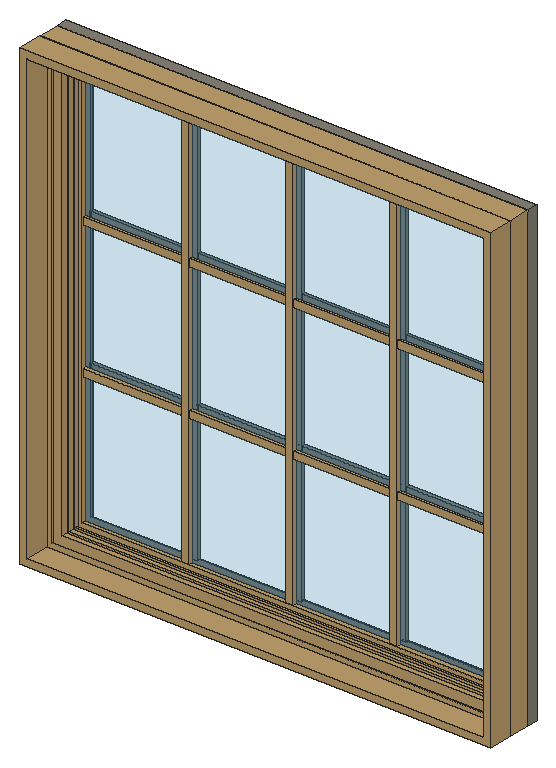
Revit family
Parameters (values of type "CCNTPRYPCAP4848")
  Window Type = "Clad Contemporary Push Out Casement Picture Unit"
  URL = "www.marvin.com"
  Prairie Corner Width = 0' - 4"
  Prairie Corner Height = 0' - 4"
  Offset = if(Bottom Rail Standard, 0' 2 29/32", 0' 4 13/32")  # 0' - 2 29/32"
  Nominal Width = 4' - 0"
  Nominal Height = 4' - 0"
  Muntins Interior Material = Wood-Marvin-Pine
  Muntins Exterior Material = Aluminum-Marvin-Bronze
  Model = "CCNTPRYPCAP4848"
  Manufacturer = "Marvin Windows and Doors"
  Lites Wide = 4
  Lites Wide Constraint = if(Nominal Width > 1' 4", Lites Wide, if(Lites Wide < 2, 1, 2))  # 4
  Lites High = 3
  Lites High Constraint = if(Nominal Height > 1' 4", Lites High, if(Lites High < 2, 1, 2))  # 3
  Lite Cut Prairie 9 = no
  Lite Cut Prairie 9 Constraint = if(and(Nominal Width > 1' 4", Nominal Height > 1' 4"), Lite Cut Prairie 9, 1 = 0)  # no
  Lite Cut HV Grid = not(Lite Cut Prairie 9 Constraint)  # yes
  Label Visibility = no
  Interior Material = Wood-Marvin-Pine
  Glazing Material = Glass-Marvin-IG Low E II with Argon
  Glass Type = "IG Low E II with Argon"
  Frame = "Aluminum Clad"
  Family created by = "www.rbuiltcomponents.com"
  Rough Width = Width + 0' 1"  # 4' - 1"
  Rough Height = Height + 0' 0 1/2"  # 3' - 11 5/8"
  Muntins Interior Visibility = yes
  Muntins Exterior Visibility = yes
  Jamb Extension Visibility = yes
  Inset to Installation Flange [instance] = 0' - 1 1/4"
  Height = Nominal Height - 0' 0 7/8"  # 3' - 11 1/8"
  Design Pressure = "DP50"
  Description = "4848 FIXED"
  Default Head Height = 8' - 0"
  Wall Closure = (empty or 0)
  Width = Nominal Width  # 4' - 0"
  Daylight Area = DLO Width * DLO Height  # 12.1033 SF
  DLO Width = Width - 0' 5 13/16"  # 3' - 6 3/16"
  DLO Height = if(Bottom Rail Standard, Height - 0' 5 13/16", Height - 0' 7 5/16")  # 3' - 5 5/16"
  Cladding Material = Aluminum-Marvin-Bronze
  Bottom Rail Tall = no
  Bottom Rail Standard = not(Bottom Rail Tall)  # yes
  Assembly Code = ""
  Note To User = "All Lite Constraints Apply To Nominal Widths Or Heights < 1 - 6"  # constant formula
Reference planes (in)
  plane 1 "Center (Front/Back)": y = 0
  plane 2: z = 0
  plane 3 "Center (Left/Right)": x = -3
  plane 4 "Left": x = -27
  plane 5 "Right": x = 21
  plane 6 "Sill": z = 48.875
  plane 7 "Top": z = 96
  plane 8 "Inset": y = 1.75
  plane 9 "Glazing": y = 2.40625
  plane 10 "Jamb Ext Face": y = -0.4375
  plane 11: z = 72.4375
  plane 12: y = -0.5
Forms (in)
  Extrusion 1, solid, material "Wood-Marvin-Pine" <- "Interior Material", visible <- "Jamb Extension Visibility", detail levels medium+fine
    sketch origin (0, -0.4375, 0) x (1, 0, 0) y (0, 0, 1)
      loop
        line (-27, 96) -> (-27, 48.875) -> (21, 48.875) -> (21, 96) -> (-27, 96)
      loop
        line (-26.3125, 49.5625) -> (20.3125, 49.5625) -> (20.3125, 95.3125) -> (-26.3125, 95.3125) -> (-26.3125, 49.5625)
    from 0.0625 to 2.5625
Lines and regions (in)
  Masking region 1
    outline origin (-3, 0, 0) x (0, 1, 0) y (0, 0, 1)
      loop
        line (2.8125, 96) -> (-0.4375, 96) -> (-0.4375, 48.875) -> (2.8125, 48.875) -> (2.8125, 96)
  Masking region 2, visible <- "Jamb Extension Visibility"
    outline origin (0, 0, 48.875) x (0, -1, 0) y (1, 0, 0)
      loop
        line (0.5, -27) -> (3, -27) -> (3, 21) -> (0.5, 21) -> (0.5, -27)
  Masking region 3, visible <- "Jamb Extension Visibility"
    outline origin (-3, 0, 0) x (0, 1, 0) y (0, 0, 1)
      loop
        line (-0.5, 96) -> (-3, 96) -> (-3, 48.875) -> (-0.5, 48.875) -> (-0.5, 96)
  Opening 1
    outline origin (-60, -3, 0) x (1, 0, 0) y (0, 0, 1)
      loop
        line (81, 96) -> (33, 96) -> (33, 48.875) -> (81, 48.875) -> (81, 96)
  symbolic lines, style "Jamb Extension", visible <- "Jamb Extension Visibility", detail levels fine
    curve 1: line (-27, -3, 48.875) -> (-26.3125, -3, 48.875)
    curve 2: line (-26.3125, -3, 48.875) -> (-26.3125, -0.5, 48.875)
    curve 3: line (21, -3, 48.875) -> (20.3125, -3, 48.875)
    curve 4: line (20.3125, -3, 48.875) -> (20.3125, -0.5, 48.875)
    curve 5: line (-3, -3, 95.3125) -> (-3, -0.5, 95.3125)
    curve 6: line (-3, -3, 49.5625) -> (-3, -0.5, 49.5625)
  symbolic lines, style "WindowsFrameMullionProjection", detail levels coarse+medium
    curve 7: line (-3, 2.8125, 96) -> (-3, 2.8125, 94.812)
    curve 8: line (-3, 2.8125, 94.812) -> (-3, -0.4375, 94.812)
    curve 9: line (-3, -0.4375, 94.812) -> (-3, -0.4375, 96)
    curve 10: line (-3, 2.78125, 94.812) -> (-3, 2.78125, 93.125)
    curve 11: line (-3, 2.78125, 93.125) -> (-3, 1.15625, 93.125)
    curve 12: line (-3, 1.15625, 50.063) -> (-3, 1.15625, 51.78125)
    curve 13: line (-3, 2.8125, 48.875) -> (-3, 2.8125, 50.063)
    curve 14: line (-3, 2.8125, 50.063) -> (-3, -0.4375, 50.063)
    curve 15: line (-3, -0.4375, 50.063) -> (-3, -0.4375, 48.875)
    curve 16: line (-3, 2.78125, 51.78125) -> (-3, 1.15625, 51.78125)
    curve 18: line (-3, 1.15625, 51.78125) -> (-3, 1.15625, 93.125)
    curve 19: line (-3, 2.78125, 51.78125) -> (-3, 2.78125, 50.063)
    curve 20: line (-3, 1.15625, 93.125) -> (-3, 1.15625, 94.812)
    curve 21: line (-3, 2.78125, 93.125) -> (-3, 2.78125, 51.78125)
  symbolic lines, style "WindowsGlassProjection", detail levels coarse+medium
    curve 17: line (-3, 1.97776, 93.125) -> (-3, 1.97776, 51.78125)
  symbolic lines, style "WindowsFrameMullionProjection"
    curve 22: line (-3, -0.4375, 50.063) -> (-3, -0.4375, 94.812)
  symbolic lines, style "WindowsFrameMullionProjection", visible <- "Jamb Extension Visibility", detail levels coarse+medium
    curve 23: line (-26.3125, -0.5, 48.875) -> (-26.3125, -3, 48.875)
    curve 24: line (-26.3125, -3, 48.875) -> (-27, -3, 48.875)
    curve 25: line (20.3125, -0.5, 48.875) -> (20.3125, -3, 48.875)
    curve 26: line (20.3125, -3, 48.875) -> (21, -3, 48.875)
    curve 29: line (-3, -0.5, 95.3125) -> (-3, -3, 95.3125)
    curve 30: line (-3, -3, 95.3125) -> (-3, -3, 96)
    curve 31: line (-3, -0.5, 49.5625) -> (-3, -3, 49.5625)
    curve 32: line (-3, -3, 49.5625) -> (-3, -3, 48.875)
  symbolic lines, style "Jamb Extension", visible <- "Jamb Extension Visibility"
    curve 27: line (-3, -3, 49.5625) -> (-3, -3, 48.875)
    curve 28: line (-3, -3, 95.3125) -> (-3, -3, 96)
Text (in)
  text "EXTERIOR" at (-58.6888, 50.90694, 0), in view "Ref. Level"
  text "INTERIOR" at (-58.6888, -37.76638, 0), in view "Ref. Level"
  text "Exterior" at (0, 43.65631, 123.19604), in view "Left"
  text "Exterior" at (0, 18.29385, 125.04747), in view "Right"
Dimensions and locks (in)
  equal spacing: plane 4 "Left", plane 3 "Center (Left/Right)", plane 5 "Right"
  "Width": plane 4 "Left" to plane 5 "Right"
  "Height": plane 6 "Sill" to plane 7 "Top"
  "Inset to Installation Flange": host wall to plane 8 "Inset"
  locked: plane 8 "Inset" to plane 9 "Glazing" at 0.65625
  locked: plane 10 "Jamb Ext Face" to plane 8 "Inset" at 2.1875
  equal spacing: plane 6 "Sill", plane 11, plane 7 "Top"
  "Default Head Height": plane 2 to plane 7 "Top"
  locked: nested 2 to host wall at 12.00106
  locked: plane 12 to plane 10 "Jamb Ext Face" at 0.0625
  locked: plane 6 "Sill" to Extrusion 1 sketch curve at 0.6875
  locked: plane 5 "Right" to Extrusion 1 sketch curve at 0.6875
  locked: plane 7 "Top" to Extrusion 1 sketch curve at 0.6875
  locked: plane 4 "Left" to Extrusion 1 sketch curve at 0.6875
  aligned and locked: nested 1 to plane 3 "Center (Left/Right)"
  aligned and locked: plane 8 "Inset" to nested 1
  aligned and locked: host wall to curve 1
  aligned and locked: curve 3 to host wall
  aligned and locked: plane 7 "Top" to Masking region 1 sketch curve
  aligned and locked: Masking region 1 sketch curve to plane 6 "Sill"
  aligned and locked: plane 3 "Center (Left/Right)" to nested 2
  aligned and locked: plane 4 "Left" to curve 24
  aligned and locked: curve 24 to host wall
  aligned and locked: plane 5 "Right" to curve 26
  aligned and locked: host wall to curve 26
  aligned and locked: curve 15 to plane 10 "Jamb Ext Face"
  aligned and locked: curve 14 to curve 22
  aligned and locked: plane 6 "Sill" to curve 27
  aligned and locked: curve 27 to host wall
  aligned and locked: plane 10 "Jamb Ext Face" to curve 9
  aligned and locked: plane 7 "Top" to curve 28
  aligned and locked: plane 7 "Top" to curve 30
  aligned and locked: host wall to curve 30
  aligned and locked: plane 6 "Sill" to curve 32
  aligned and locked: plane 12 to curve 2
  aligned and locked: plane 12 to curve 23
  aligned and locked: plane 12 to curve 4
  aligned and locked: plane 12 to curve 25
  aligned and locked: plane 12 to curve 5
  aligned and locked: plane 12 to curve 29
  aligned and locked: plane 12 to curve 6
  aligned and locked: plane 12 to curve 31
  aligned and locked: plane 12 to Masking region 2 sketch curve
  aligned and locked: Masking region 2 sketch curve to host wall
  aligned and locked: Masking region 2 sketch curve to plane 4 "Left"
  aligned and locked: plane 5 "Right" to Masking region 2 sketch curve
  aligned and locked: plane 12 to Masking region 3 sketch curve
  aligned and locked: Masking region 3 sketch curve to host wall
  aligned and locked: plane 7 "Top" to Masking region 3 sketch curve
  aligned and locked: Masking region 3 sketch curve to plane 6 "Sill"
  aligned and locked: Masking region 1 sketch curve to plane 10 "Jamb Ext Face"
  aligned and locked: plane 3 "Center (Left/Right)" to nested 3
  aligned and locked: plane 8 "Inset" to nested 3
  aligned: nested 3 to plane 7 "Top"
  aligned and locked: plane 7 "Top" to Opening 1 sketch curve
  aligned and locked: plane 5 "Right" to Opening 1 sketch curve
  aligned and locked: Opening 1 sketch curve to plane 6 "Sill"
  aligned and locked: Opening 1 sketch curve to plane 4 "Left"
  aligned and locked: Extrusion 1 sketch curve to plane 6 "Sill"
  aligned and locked: plane 7 "Top" to Extrusion 1 sketch curve
  aligned and locked: plane 5 "Right" to Extrusion 1 sketch curve
  aligned and locked: Extrusion 1 sketch curve to plane 4 "Left"
  aligned and locked: Extrusion 1 to plane 12
  aligned and locked: host wall to Extrusion 1
  aligned and locked: nested 4 to plane 8 "Inset"
  aligned: plane 7 "Top" to nested 4
  aligned: nested 4 to plane 10 "Jamb Ext Face"
  aligned: plane 10 "Jamb Ext Face" to nested 4
  aligned: nested 4 to nested 4  (x4)
  aligned and locked: nested 3 to plane 7 "Top"
  aligned and locked: plane 7 "Top" to nested 4
  aligned and locked: curve 7 to nested 4
  aligned and locked: curve 10 to nested 4
  aligned and locked: curve 20 to nested 4
  aligned and locked: curve 8 to nested 4
  aligned and locked: curve 11 to nested 4
  aligned and locked: nested 4 to plane 10 "Jamb Ext Face"
  aligned and locked: curve 13 to nested 4
  aligned and locked: curve 19 to nested 4
  aligned and locked: nested 4 to curve 12
  aligned and locked: curve 14 to nested 4
  aligned and locked: curve 16 to nested 4
  aligned and locked: Masking region 1 sketch curve to nested 4
Automatic sketch dimensions
  curve 1 to plane 4 "Left" = 0' - 0"
  curve 3 to plane 5 "Right" = 0' - 0"
  curve 2 to plane 4 "Left" = 0' - 0 11/16"
  plane 5 "Right" to curve 4 = 0' - 0 11/16"
  plane 7 "Top" to curve 7 = 0' - 0"
  plane 6 "Sill" to curve 13 = 0' - 0"
  plane 6 "Sill" to curve 15 = 0' - 0"
  plane 7 "Top" to curve 9 = 0' - 0"
  curve 17 to plane 8 "Inset" = 0' - 0.22776"
  curve 6 to curve 15 = 0' - 0.5005"
  plane 7 "Top" to curve 5 = 0' - 0 11/16"
Nested families (in)
  nested 1: "Plan_Detail" at (-3, 1.75, 48.875) x (-1, 0, 0) z (0, 0, -1), type "Plan_Detail"
  nested 2: "Label Annotation 1-16 w" at (-3, 15.00106, 0), visible <- "Label Visibility", type "Label Annotation 1-16 w"
  nested 3: "Casement–Marvin-Picture_Unit-Clad_Contemporary" at (-3, 1.75, 0), type "CCNTPRYPCAP"
  nested 4: "Section_Detail" at (-3, 1.75, 48.875) x (0, -1, 0) z (1, 0, 0), type "Section_Detail", detail levels fine
    with Offset 0' - 2 29/32"
Definition of nested family "Casement–Marvin-Picture_Unit-Clad_Contemporary"
  Parameters (values of type "CCNTPRYCAP")
    Width = 0' - 0"
    Unit Width = 4' - 0"
    Prairie Corner Width = 0' - 4"
    Prairie Corner Height = 0' - 4"
    Offset = if(Bottom Rail Standard, 0' 1", 0' 0 27/32")  # 0' - 1"
    Muntins Interior Material = Wood-Marvin-Pine
    Muntins Interior = yes
    Muntins Exterior Material = Aluminum-Marvin-Bronze
    Muntins Exterior = yes
    Lites Wide = 4
    Lites High = 3
    Lite Cut Prairie 9 = no
    Lite Cut HV Grid = yes
    Interior Material = Wood-Marvin-Pine
    Height = 3' - 11 1/8"
    Glazing Material = Glass-Marvin-IG Low E II with Argon
    G Thickness2 = -0' - 0 1/8"  # constant formula
    G Thickness = 0' - 0 1/8"  # constant formula
    DLO Width = 3' - 6 3/16"
    DLO Height = 3' - 5 5/16"
    Cladding Material = Aluminum-Marvin-Bronze
    Bottom Rail Standard = yes
    Bottom Rail Tall = no
    Bottom Rail = if(Bottom Rail Standard, 0' 2 29/32", 0' 4 13/32")  # 0' - 2 29/32"
    Assembly Code = ""
  Reference planes (in)
    plane 1 "Center (Front/Back)": y = 0
    plane 2: z = 0
    plane 3 "Center (Left/Right)": x = 0
    plane 4: x = 24
    plane 5: x = -24
    plane 6 "Glazing": y = 0.65625
    plane 7: y = -2.1875
    plane 8: z = 96
    plane 9 "Sill": z = 48.875
    plane 10: z = 72.4375
    plane 11: x = 21.09375
    plane 12: x = -21.09375
    plane 13: z = 93.09375
    plane 14: z = 51.78125
    plane 15 "Glazing2": y = -0.125
  Forms (in)
    Sweep 1, solid, material "Aluminum-Marvin-Bronze" <- "Cladding Material"
      path origin (0, 0, 0) x (1, 0, 0) y (0, 0, 1)
        loop
          line (-24, 48.875) -> (24, 48.875) -> (24, 96) -> (-24, 96) -> (-24, 48.875)
      profile "Profile_Ext_Clad_Frame : Profile_Ext_Clad_Frame" origin (0, 0, 48.875) x (0, 0, 1) y (0, -1, 0)
        loop
          line (0, -1.0625) -> (0.625, -1.0625) -> (0.625, 0) -> (0, 0) -> (0, -1.0625)
    Sweep 2, solid, material "Wood-Marvin-Pine" <- "Interior Material"
      path origin (0, 0, 0) x (1, 0, 0) y (0, 0, 1)
        loop
          line (24, 48.875) -> (24, 96) -> (-24, 96) -> (-24, 48.875) -> (24, 48.875)
      profile "Profile_Int_Frame : Profile_Int_Frame" origin (0, 0, 48.875) x (0, 0, -1) y (0, -1, 0)
        loop
          line (0, 2.1875) -> (-1.188, 2.1875) -> (-1.188, 2.09375) -> (-2.1255, 2.09375) -> (-2.1255, 1.43702) -> (-2.313, 1.43702) -> (-2.313, 0.96849) -> (-2.5, 0.96849) -> (-2.5, 0.59375) -> (-0.625, 0.59375) -> (-0.625, 0) -> (0, 0) -> (0, 2.1875)
    Extrusion 3, solid, material "Glass-Marvin-IG Low E II with Argon" <- "Glazing Material"
      sketch origin (0, 0.65625, 0) x (1, 0, 0) y (0, 0, 1)
        loop
          line (21.75, 93.75) -> (-21.75, 93.75) -> (-21.75, 51.125) -> (21.75, 51.125) -> (21.75, 93.75)
      from 0 to 0.125 <- "G Thickness"
    Sweep 4, solid, material "Aluminum-Marvin-Bronze" <- "Cladding Material"
      path origin (0, 0.65625, 0) x (1, 0, 0) y (0, 0, 1)
        loop
          line (21.09375, 51.78125) -> (21.09375, 93.09375) -> (-21.09375, 93.09375) -> (-21.09375, 51.78125) -> (21.09375, 51.78125)
      profile "Profile_Ext_Clad_Sash : Profile_Ext_Clad_Sash" origin (0, 0.65625, 51.78125) x (0, 0, -1) y (0, -1, 0)
        loop
          line (2.0625, -0.375) -> (2.0625, 0) -> (0, 0) -> (0, -0.07739) -> (0.15625, -0.23364) -> (0.15625, -0.375) -> (2.0625, -0.375)
    Sweep 5, solid, material "Wood-Marvin-Pine" <- "Interior Material"
      path origin (0, 0.65625, 0) x (1, 0, 0) y (0, 0, 1)
        loop
          line (21.09375, 51.78125) -> (21.09375, 93.09375) -> (-21.09375, 93.09375) -> (-21.09375, 51.78125) -> (21.09375, 51.78125)
      profile "Profile_Int_Sash : Profile_Int_Sash" origin (0, 0.65625, 51.78125) x (0, 0, -1) y (0, -1, 0)
        loop
          line (1.78125, 0) -> (1.78125, 1.25) -> (0, 1.25) -> (0, 0.78125) -> (0.65625, 0.78125) -> (0.65625, 0) -> (1.78125, 0)
    Extrusion 6, solid, material "Glass-Marvin-IG Low E II with Argon" <- "Glazing Material"
      sketch origin (0, -0.125, 0) x (1, 0, 0) y (0, 0, 1)
        loop
          line (21.75, 93.75) -> (-21.75, 93.75) -> (-21.75, 51.125) -> (21.75, 51.125) -> (21.75, 93.75)
      from -0.125 <- "G Thickness2" to 0
    Sweep 7, solid, material "Aluminum-Marvin-Bronze" <- "Cladding Material"
      path in 3D
        loop
          line (23.15625, 1.03125, 49.71875) -> (-23.15625, 1.03125, 49.71875)
      profile origin (0, 1.03125, 49.71875) x (0, 1, 0) y (0, 0, -1)
        loop
          line (0, 0) -> (-0.375, 0) -> (-0.375, -0.15625) -> (0, -0.15625) -> (0, 0)
    Sweep 8, solid, material "Wood-Marvin-Pine" <- "Interior Material"
      path in 3D
        loop
          line (22.875, -0.59375, 50) -> (-22.875, -0.59375, 50)
      profile origin (0, -0.59375, 50) x (0, 1, 0) y (0, 0, -1)
        loop
          line (0, 0) -> (1.25, 0) -> (1.25, 0.125) -> (0, 0.125) -> (0, 0)
  Cuts and joins
    joined: Sweep 4, Sweep 7
    joined: Sweep 5, Sweep 8
  Lines and regions (in)
    Masking region 1
      outline origin (0, 0, 48.875) x (1, 0, 0) y (0, 1, 0)
        loop
          line (-24, 1.0625) -> (-24, -2.1875) -> (24, -2.1875) -> (24, 1.0625) -> (-24, 1.0625)
    symbolic lines, style "WindowsFrameMullionProjection", detail levels coarse+medium
      curve 1: line (-22.875, -2.18699, 48.875) -> (-24, -2.18699, 48.875)
      curve 2: line (-22.875, 1.0625, 48.875) -> (-22.875, -2.18699, 48.875)
      curve 3: line (-24, 1.0625, 48.875) -> (-22.875, 1.0625, 48.875)
      curve 4: line (-24, -2.18699, 48.875) -> (-24, 1.0625, 48.875)
      curve 5: line (22.875, -2.18699, 48.875) -> (24, -2.18699, 48.875)
      curve 6: line (22.875, 1.0625, 48.875) -> (22.875, -2.18699, 48.875)
      curve 7: line (24, 1.0625, 48.875) -> (22.875, 1.0625, 48.875)
      curve 8: line (24, -2.18699, 48.875) -> (24, 1.0625, 48.875)
      curve 9: line (-22.875, 1.03125, 48.875) -> (-21.09375, 1.03125, 48.875)
      curve 10: line (-21.09375, -0.59375, 48.875) -> (-22.875, -0.59375, 48.875)
      curve 11: line (-21.09375, 1.03125, 48.875) -> (-21.09375, -0.59375, 48.875)
      curve 12: line (22.875, 1.03125, 48.875) -> (21.09375, 1.03125, 48.875)
      curve 13: line (21.09375, -0.59375, 48.875) -> (22.875, -0.59375, 48.875)
      curve 14: line (21.09375, 1.03125, 48.875) -> (21.09375, -0.59375, 48.875)
      curve 16: line (-21.09375, 1.03125, 48.875) -> (21.09375, 1.03125, 48.875)
      curve 17: line (-21.09375, -0.59375, 48.875) -> (21.09375, -0.59375, 48.875)
    symbolic lines, style "WindowsGlassProjection", detail levels coarse+medium
      curve 15: line (-21.09375, 0.22976, 48.875) -> (21.09375, 0.22976, 48.875)
    sketch lines
      curve 18: line (23.15625, 1.03125, 49.71875) -> (-23.15625, 1.03125, 49.71875)
      curve 19: line (22.875, -0.59375, 50) -> (-22.875, -0.59375, 50)
  Dimensions and locks (in)
    equal spacing: plane 5, plane 3 "Center (Left/Right)", plane 4
    "Unit Width": plane 5 to plane 4
    locked: plane 1 "Center (Front/Back)" to plane 6 "Glazing" at 0.65625
    locked: plane 7 to plane 1 "Center (Front/Back)" at 2.1875
    plane 2 to plane 8 = 8' - 0"
    "Height": plane 9 "Sill" to plane 8
    equal spacing: plane 9 "Sill", plane 10, plane 8
    locked: plane 13 to Extrusion 3 sketch curve at 0.65625
    locked: Extrusion 3 sketch curve to plane 14 at 0.65625
    locked: plane 12 to Extrusion 3 sketch curve at 0.65625
    locked: Extrusion 3 sketch curve to plane 11 at 0.65625
    locked: plane 13 to plane 8 at 2.90625
    "Bottom Rail": plane 9 "Sill" to plane 14
    locked: plane 5 to plane 12 at 2.90625
    locked: plane 11 to plane 4 at 2.90625
    locked: plane 15 "Glazing2" to plane 6 "Glazing" at 0.78125
    locked: Extrusion 6 sketch curve to plane 11 at 0.65625
    locked: plane 12 to Extrusion 6 sketch curve at 0.65625
    locked: plane 13 to Extrusion 6 sketch curve at 0.65625
    locked: Extrusion 6 sketch curve to plane 14 at 0.65625
    "Offset": Sweep 7 sketch curve to plane 9 "Sill"
    "Offset": plane 9 "Sill" to Sweep 8 sketch curve
    aligned and locked: Sweep 1 sketch curve to plane 4
    aligned and locked: plane 9 "Sill" to Sweep 1 sketch curve
    aligned and locked: plane 5 to Sweep 1 sketch curve
    aligned and locked: Sweep 1 sketch curve to plane 8
    aligned and locked: plane 9 "Sill" to Sweep 2 sketch curve
    aligned and locked: Sweep 2 sketch curve to plane 8
    aligned and locked: Sweep 2 sketch curve to plane 4
    aligned and locked: plane 5 to Sweep 2 sketch curve
    aligned and locked: Extrusion 3 to plane 6 "Glazing"
    aligned: Extrusion 3 to Sweep 2
    aligned and locked: plane 5 to Masking region 1 sketch curve
    aligned and locked: Masking region 1 sketch curve to plane 4
    aligned and locked: Masking region 1 sketch curve to plane 7
    aligned and locked: plane 6 "Glazing" to nested 2
    aligned: nested 1 to Sweep 2
    aligned and locked: nested 2 to plane 3 "Center (Left/Right)"
    aligned and locked: plane 3 "Center (Left/Right)" to nested 1
    aligned and locked: plane 11 to Sweep 4 sketch curve
    aligned and locked: Sweep 4 sketch curve to plane 12
    aligned and locked: Sweep 4 sketch curve to plane 14
    aligned and locked: plane 13 to Sweep 4 sketch curve
    aligned and locked: Sweep 5 sketch curve to plane 14
    aligned and locked: Sweep 5 sketch curve to plane 12
    aligned and locked: plane 13 to Sweep 5 sketch curve
    aligned and locked: plane 11 to Sweep 5 sketch curve
    aligned and locked: plane 15 "Glazing2" to nested 1
    aligned and locked: Masking region 1 sketch curve to Sweep 1
    aligned and locked: curve 3 to Sweep 1
    aligned and locked: curve 7 to Sweep 1
    aligned and locked: Sweep 4 to curve 12
    aligned and locked: curve 9 to Sweep 4
    aligned and locked: curve 11 to plane 12
    aligned and locked: curve 14 to plane 11
    aligned and locked: Sweep 5 to curve 13
    aligned and locked: curve 10 to Sweep 5
    aligned and locked: curve 2 to Sweep 5
    aligned and locked: curve 6 to Sweep 5
    aligned and locked: Sweep 7 sketch curve to Sweep 4  (x2)
    aligned and locked: Sweep 7 sketch curve to plane 6 "Glazing"
    aligned and locked: Sweep 8 sketch curve to Sweep 5  (x2)
    aligned and locked: Sweep 8 sketch curve to cut or joined group of Sweep 4, Sweep 7
    aligned and locked: nested 2 to plane 13
    aligned and locked: plane 13 to nested 1
  Automatic sketch dimensions
    curve 1 to plane 5 = 0' - 0"
    curve 7 to plane 4 = 0' - 0"
    curve 8 to plane 7 = 0' - 0.00051"
    curve 4 to plane 7 = 0' - 0.00051"
    curve 15 to plane 1 "Center (Front/Back)" = 0' - 0.22976"
  Nested families (in)
    nested 1: "Muntins" at (0, -0.125, 15.84375), Muntin Material <- "Muntins Interior Material", visible <- "Muntins Interior", type "Muntins"
      with MuntinDepth 0' - 0 5/16", Muntin Material Wood-Marvin-Pine, Muntin Extension 0' - 0 5/16", GlazingWidth 3' - 6 3/16", GlazingHeight 3' - 5 5/16", Width 3' - 6 1/2", VerticalMuntins 3, LitesHorizontal 4, Height 3' - 5 5/8", Inset Vert 0' - 10 1/4", Inset Horiz 1' - 1 1/2"
    nested 2: "Muntins" at (0, 0.65625, 15.84375), Muntin Material <- "Muntins Exterior Material", visible <- "Muntins Exterior", type "Muntins"
      with MuntinDepth 0' - 0 5/16", Muntin Material Aluminum-Marvin-Bronze, Muntin Extension 0' - 0 5/16", GlazingWidth 3' - 6 3/16", GlazingHeight 3' - 5 5/16", Width 3' - 6 1/2", VerticalMuntins 3, LitesHorizontal 4, Height 3' - 5 5/8", Inset Vert 0' - 10 1/4", Inset Horiz 1' - 1 1/2"
  Definition of nested family "Muntins"
    Parameters (values of type "Muntins")
      PrairieMuntVisible = no
      Prairie Corner Width = 0' - 4"
      Prairie Corner Height = 0' - 4"
      Muntin Extension = 0' - 0 7/16"
      GridMuntVisible = yes
      GlazingWidth = 2' - 0"
      GlazingHeight = 2' - 11 1/8"
      Width = GlazingWidth + Muntin Extension  # 2' - 0 7/16"
      VerticalMuntins = if(LitesHorizontal < 3, 2, LitesHorizontal - 1)  # 2
      VertMuntVisible = and(GridMuntVisible, LitesHorizontal > 2)  # yes
      MuntinWidth = 0' - 0 3/4"
      MuntinDepth [instance] = 0' - 0 3/8"
      Muntin Material [instance] = none
      LitesVertical = 3
      LitesHorizontal = 3
      HorizontalMuntins = if(LitesVertical < 3, 2, LitesVertical - 1)  # 2
      HorizMuntVisible = and(GridMuntVisible, LitesVertical > 2)  # yes
      Height = GlazingHeight + Muntin Extension  # 2' - 11 9/16"
      Inset Vert = if(LitesHorizontal < 3, (Width / 3) - (MuntinWidth / 2), (Width / LitesHorizontal) - (MuntinWidth / 2))  # 0' - 7.77083"
      Inset Horiz = if(LitesVertical < 3, (Height / 3) - (MuntinWidth / 2), (Height / LitesVertical) - (MuntinWidth / 2))  # 0' - 11.47917"
      CenterMuntinVertical = and(GridMuntVisible, LitesHorizontal = 2)  # no
      CenterMuntinHorizontal = and(GridMuntVisible, LitesVertical = 2)  # no
      Assembly Code = ""
    Reference planes (in)
      plane 1 "Center (Front/Back)": y = 0
      plane 2: z = 0
      plane 3 "Center (Left/Right)": x = 0
      plane 4: z = 35.78125
      plane 5: z = 53.5625
      plane 6: z = 71.34375
      plane 7: z = 59.86458
      plane 8: z = 47.26042
      plane 9: z = 71.125
      plane 10: z = 36
      plane 11: x = -12
      plane 12: x = 12
      plane 13: x = -4.44792
      plane 14: x = -12.21875
      plane 15: x = 12.21875
      plane 16: x = 4.44792
      plane 17: z = 67.125
      plane 18: z = 40
      plane 19: x = -8
      plane 20: x = 8
    Forms (in)
      Extrusion 1, solid, material <- "Muntin Material", visible <- "CenterMuntinVertical", detail levels medium+fine
        sketch origin (9, 0, 0) x (1, 0, 0) y (0, 0, 1)
          loop
            line (-9.375, 71.34375) -> (-9.375, 35.78125) -> (-8.625, 35.78125) -> (-8.625, 71.34375) -> (-9.375, 71.34375)
        from 0 to 0.375 <- "MuntinDepth"
      Extrusion 2, solid, material <- "Muntin Material", visible <- "CenterMuntinHorizontal", detail levels medium+fine
        sketch origin (-0.0013, 0, 14.6875) x (1, 0, 0) y (0, 0, 1)
          loop
            line (-12.21745, 39.25) -> (-12.21745, 38.5) -> (12.22005, 38.5) -> (12.22005, 39.25) -> (-12.21745, 39.25)
        from 0 to 0.375 <- "MuntinDepth"
      Extrusion 3, solid, material <- "Muntin Material", visible <- "VertMuntVisible", detail levels medium+fine
        sketch origin (4.92708, 0, -2.90625) x (1, 0, 0) y (0, 0, 1)
          loop
            line (-9.375, 74.25) -> (-9.375, 38.6875) -> (-8.625, 38.6875) -> (-8.625, 74.25) -> (-9.375, 74.25)
        from 0 to 0.375 <- "MuntinDepth"
      Extrusion 4, solid, material <- "Muntin Material", visible <- "HorizMuntVisible", detail levels medium+fine
        sketch origin (-3.09635, 0, 14.17708) x (1, 0, 0) y (0, 0, 1)
          loop
            line (-9.1224, 45.6875) -> (-9.1224, 44.9375) -> (15.3151, 44.9375) -> (15.3151, 45.6875) -> (-9.1224, 45.6875)
        from 0 to 0.375 <- "MuntinDepth"
      Extrusion 5, solid, material <- "Muntin Material", visible <- "HorizMuntVisible", detail levels medium+fine
        sketch origin (-3.09635, 0, 2.32292) x (1, 0, 0) y (0, 0, 1)
          loop
            line (-9.1224, 45.6875) -> (-9.1224, 44.9375) -> (15.3151, 44.9375) -> (15.3151, 45.6875) -> (-9.1224, 45.6875)
        from 0 to 0.375 <- "MuntinDepth"
      Extrusion 6, solid, material <- "Muntin Material", visible <- "VertMuntVisible", detail levels medium+fine
        sketch origin (13.07292, 0, -2.90625) x (1, 0, 0) y (0, 0, 1)
          loop
            line (-9.375, 74.25) -> (-9.375, 38.6875) -> (-8.625, 38.6875) -> (-8.625, 74.25) -> (-9.375, 74.25)
        from 0 to 0.375 <- "MuntinDepth"
      Extrusion 7, solid, material <- "Muntin Material", visible <- "PrairieMuntVisible", detail levels medium+fine
        sketch origin (1, 0, 0) x (1, 0, 0) y (0, 0, 1)
          loop
            line (-9, 71.34375) -> (-9, 35.78125) -> (-8.25, 35.78125) -> (-8.25, 71.34375) -> (-9, 71.34375)
        from 0 to 0.375 <- "MuntinDepth"
      Extrusion 8, solid, material <- "Muntin Material", visible <- "PrairieMuntVisible", detail levels medium+fine
        sketch origin (17, 0, 0) x (1, 0, 0) y (0, 0, 1)
          loop
            line (-9.75, 71.34375) -> (-9.75, 35.78125) -> (-9, 35.78125) -> (-9, 71.34375) -> (-9.75, 71.34375)
        from 0 to 0.375 <- "MuntinDepth"
      Extrusion 9, solid, material <- "Muntin Material", visible <- "PrairieMuntVisible", detail levels medium+fine
        sketch origin (-0.0013, 0, 28.25) x (1, 0, 0) y (0, 0, 1)
          loop
            line (-12.21745, 38.875) -> (-12.21745, 38.125) -> (12.22005, 38.125) -> (12.22005, 38.875) -> (-12.21745, 38.875)
        from 0 to 0.375 <- "MuntinDepth"
      Extrusion 10, solid, material <- "Muntin Material", visible <- "PrairieMuntVisible", detail levels medium+fine
        sketch origin (-0.0013, 0, 1.125) x (1, 0, 0) y (0, 0, 1)
          loop
            line (-12.21745, 39.625) -> (-12.21745, 38.875) -> (12.22005, 38.875) -> (12.22005, 39.625) -> (-12.21745, 39.625)
        from 0 to 0.375 <- "MuntinDepth"
    Cuts and joins
      joined: Extrusion 7, Extrusion 8, Extrusion 9, Extrusion 10
    Lines and regions (in)
      model lines, style "Muntins", visible <- "CenterMuntinHorizontal", detail levels coarse
        curve 1: line (-12.21875, 0, 53.5625) -> (12.21875, 0, 53.5625)
      model lines, style "Muntins", visible <- "HorizMuntVisible", detail levels coarse
        curve 2: line (-12.21875, 0, 59.48958) -> (12.21875, 0, 59.48958)
        curve 3: line (-12.21875, 0, 47.63542) -> (12.21875, 0, 47.63542)
      model lines, style "Muntins", visible <- "CenterMuntinVertical", detail levels coarse
        curve 4: line (0, 0, 71.34375) -> (0, 0, 35.78125)
      model lines, style "Muntins", visible <- "VertMuntVisible", detail levels coarse
        curve 5: line (-4.07292, 0, 71.34375) -> (-4.07292, 0, 35.78125)
        curve 6: line (4.07292, 0, 71.34375) -> (4.07292, 0, 35.78125)
      model lines, style "Muntins", visible <- "PrairieMuntVisible", detail levels coarse
        curve 7: line (-12.21875, 0, 66.75) -> (12.21875, 0, 66.75)
        curve 8: line (-12.21875, 0, 40.375) -> (12.21875, 0, 40.375)
        curve 9: line (-7.625, 0, 35.78125) -> (-7.625, 0, 71.34375)
        curve 10: line (7.625, 0, 35.78125) -> (7.625, 0, 71.34375)
    Dimensions and locks (in)
      "Inset Horiz": plane 6 to plane 7
      "Inset Horiz": plane 8 to plane 4
      equal spacing: plane 6, plane 5, plane 4
      "Height": plane 6 to plane 4
      "GlazingHeight": plane 9 to plane 10
      equal spacing: plane 9, plane 5, plane 10
      "GlazingWidth": plane 12 to plane 11
      equal spacing: plane 12, plane 3 "Center (Left/Right)", plane 11
      "MuntinWidth": Extrusion 1 sketch curve to Extrusion 1 sketch curve
      "Height": Extrusion 1 sketch curve to Extrusion 1 sketch curve
      "MuntinWidth": Extrusion 2 sketch curve to Extrusion 2 sketch curve
      "Width": Extrusion 2 sketch curve to Extrusion 2 sketch curve
      "MuntinWidth": Extrusion 3 sketch curve to Extrusion 3 sketch curve
      "Height": Extrusion 3 sketch curve to Extrusion 3 sketch curve
      "Width": plane 15 to plane 14
      equal spacing: plane 15, plane 3 "Center (Left/Right)", plane 14
      "Inset Vert": plane 13 to plane 14
      "Inset Vert": plane 15 to plane 16
      "MuntinWidth": Extrusion 4 sketch curve to Extrusion 4 sketch curve
      "Width": Extrusion 4 sketch curve to Extrusion 4 sketch curve
      "MuntinWidth": Extrusion 5 sketch curve to Extrusion 5 sketch curve
      "Width": Extrusion 5 sketch curve to Extrusion 5 sketch curve
      group 2 to group 3 = 0' - 0"  (x2)
      group 3 to group 2 = 0' - 11.85417"
      "MuntinWidth": Extrusion 6 sketch curve to Extrusion 6 sketch curve
      "Height": Extrusion 6 sketch curve to Extrusion 6 sketch curve
      group 4 to group 5 = 0' - 8.14583"
      group 4 to group 5 = 0' - 0"  (x2)
      "Prairie Corner Width": plane 19 to plane 11
      "Prairie Corner Width": plane 20 to plane 12
      "Prairie Corner Height": plane 9 to plane 17
      "Prairie Corner Height": plane 18 to plane 10
      "MuntinWidth": Extrusion 7 sketch curve to Extrusion 7 sketch curve
      "Height": Extrusion 7 sketch curve to Extrusion 7 sketch curve
      "MuntinWidth": Extrusion 8 sketch curve to Extrusion 8 sketch curve
      "Height": Extrusion 8 sketch curve to Extrusion 8 sketch curve
      "MuntinWidth": Extrusion 9 sketch curve to Extrusion 9 sketch curve
      "Width": Extrusion 9 sketch curve to Extrusion 9 sketch curve
      "MuntinWidth": Extrusion 10 sketch curve to Extrusion 10 sketch curve
      "Width": Extrusion 10 sketch curve to Extrusion 10 sketch curve
      aligned and locked: plane 6 to Extrusion 1  (x2)
      aligned and locked: Extrusion 1 to plane 4  (x3)
      aligned and locked: Extrusion 3 to plane 13  (x5)
      aligned and locked: Extrusion 3 to plane 4  (x3)
      aligned and locked: Extrusion 2 to plane 14
      aligned and locked: plane 15 to Extrusion 2
      aligned and locked: plane 6 to Extrusion 3
      aligned and locked: plane 7 to Extrusion 4
      aligned and locked: Extrusion 4 to plane 14
      aligned and locked: plane 15 to Extrusion 4
      aligned and locked: curve 1 to plane 5
      aligned and locked: plane 14 to curve 1
      aligned and locked: plane 15 to curve 1
      aligned and locked: Extrusion 5 to plane 14
      aligned and locked: Extrusion 5 to plane 8
      aligned and locked: plane 15 to Extrusion 5
      aligned and locked: Extrusion 5 to curve 3  (x2)
      aligned and locked: Extrusion 4 to curve 2  (x2)
      aligned and locked: curve 4 to plane 3 "Center (Left/Right)"
      aligned and locked: Extrusion 1 to curve 4  (x2)
      aligned and locked: Extrusion 3 to curve 5  (x2)
      aligned and locked: Extrusion 6 to curve 6  (x2)
      aligned and locked: Extrusion 6 to plane 16
      aligned and locked: plane 6 to Extrusion 6
      aligned and locked: plane 6 to curve 6
      aligned and locked: Extrusion 6 to plane 4
      aligned and locked: plane 4 to curve 6
      aligned and locked: cut or joined group of Extrusion 7, Extrusion 8, Extrusion 9, Extrusion 10 to plane 19
      aligned and locked: plane 20 to cut or joined group of Extrusion 7, Extrusion 8, Extrusion 9, Extrusion 10
      aligned and locked: plane 17 to cut or joined group of Extrusion 7, Extrusion 8, Extrusion 9, Extrusion 10
      aligned and locked: cut or joined group of Extrusion 7, Extrusion 8, Extrusion 9, Extrusion 10 to plane 18
      aligned and locked: cut or joined group of Extrusion 7, Extrusion 8, Extrusion 9, Extrusion 10 to curve 7  (x2)
      aligned and locked: cut or joined group of Extrusion 7, Extrusion 8, Extrusion 9, Extrusion 10 to curve 8  (x2)
      aligned and locked: cut or joined group of Extrusion 7, Extrusion 8, Extrusion 9, Extrusion 10 to curve 9  (x2)
      aligned and locked: cut or joined group of Extrusion 7, Extrusion 8, Extrusion 9, Extrusion 10 to curve 10  (x2)
    Automatic sketch dimensions
      Extrusion 1 sketch curve to plane 4 = 0' - 0"
      Extrusion 1 sketch curve to plane 3 "Center (Left/Right)" = 0' - 0 3/8"
      Extrusion 2 sketch curve to plane 14 = 0' - 0"
      Extrusion 2 sketch curve to plane 5 = 0' - 0 3/8"
      Extrusion 7 sketch curve to plane 4 = 0' - 0"
      Extrusion 7 sketch curve to plane 19 = 0' - 0"
      Extrusion 8 sketch curve to plane 4 = 0' - 0"
      Extrusion 8 sketch curve to plane 20 = 0' - 0 3/4"
      Extrusion 9 sketch curve to plane 14 = 0' - 0"
      Extrusion 9 sketch curve to plane 17 = 0' - 0 3/4"
      Extrusion 10 sketch curve to plane 14 = 0' - 0"
      Extrusion 10 sketch curve to plane 18 = 0' - 0"
      plane 19 to curve 9 = 0' - 0 3/8"
      curve 10 to plane 20 = 0' - 0 3/8"
      plane 18 to curve 8 = 0' - 0 3/8"
      curve 7 to plane 17 = 0' - 0 3/8"
Definition of nested family "Plan_Detail"
  Parameters (values of type "Plan_Detail")
    Width = 4' - 0"
    Casing = no
    Assembly Code = ""
  Reference planes (in)
    plane 1 "Center (Front/Back)": y = 0
    plane 2: z = 0
    plane 3 "Center (Left/Right)": x = 0
    plane 4: x = -24
    plane 5: x = 24
    plane 6: x = -22.8125
    plane 7: x = 22.8125
    plane 8: y = 1.03125
  Lines and regions (in)
    detail lines, style "Cut Lines", in view "Ref. Level", detail levels fine
      curve 1: line (-21.647, 0.64499, 0) -> (21.647, 0.64499, 0)
      curve 2: line (-21.647, 0.51999, 0) -> (21.647, 0.51999, 0)
      curve 3: line (-21.647, 0.01999, 0) -> (21.647, 0.01999, 0)
      curve 4: line (-21.647, -0.10501, 0) -> (21.647, -0.10501, 0)
  Dimensions and locks (in)
    equal spacing: plane 4, plane 3 "Center (Left/Right)", plane 5
    "Width": plane 4 to plane 5
    locked: plane 4 to plane 6 at 1.1875
    locked: plane 7 to plane 5 at 1.1875
    locked: plane 1 "Center (Front/Back)" to plane 8 at 1.03125
    aligned and locked: nested 1 to plane 1 "Center (Front/Back)"
    aligned and locked: nested 1 to plane 4
    aligned and locked: plane 5 to nested 2
    aligned and locked: nested 2 to plane 1 "Center (Front/Back)"
    aligned and locked: curve 1 to nested 1  (x2)
    aligned and locked: nested 1 to curve 2
    aligned and locked: curve 2 to nested 1
    aligned and locked: curve 3 to nested 1  (x2)
    aligned and locked: nested 1 to curve 4
    aligned and locked: curve 4 to nested 1
  Automatic sketch dimensions
    curve 3 to plane 7 = 0' - 1.1655"
    curve 1 to curve 3 = 0' - 0"
    curve 4 to curve 3 = 0' - 0"
    curve 2 to curve 1 = 0' - 0"
  Nested families (in)
    nested 1: "Jamb_Detail" at (-24, 0, 0), type "Jamb_Detail", in view "Ref. Level", detail levels fine
    nested 2: "Jamb_Detail" at (24, 0, 0) x (-1, 0, 0) z (0, 0, 1), type "Jamb_Detail", in view "Ref. Level", detail levels fine
  Definition of nested family "Jamb_Detail"
    Parameters (values of type "Jamb_Detail")
      No Casing = not(Casing)  # yes
      Casing = no
      Assembly Code = ""
    Reference planes (in)
      plane 1 "Center (Front/Back)": y = 0
      plane 2: z = 0
      plane 3 "Center (Left/Right)": x = 0
    Lines and regions (in)
      detail lines, style "Cut Lines", in view "Ref. Level"
        curve 1: line (0, 2.1875, 0) -> (1.188, 2.1875, 0)
        curve 2: line (0, -1.0625, 0) -> (0, 2.1875, 0)
        curve 3: line (1.188, 2.1875, 0) -> (1.188, 0.59375, 0)
        curve 4: line (0.625, -1.0625, 0) -> (0, -1.0625, 0)
        curve 5: line (0.625, -1.0625, 0) -> (0.625, 0.59375, 0)
        curve 6: line (1.188, 2.09375, 0) -> (2.1255, 2.09375, 0)
        curve 7: line (2.1255, 2.09375, 0) -> (2.1255, 1.46852, 0)
        curve 8: line (2.313, 1.46852, 0) -> (2.313, 1, 0)
        curve 9: line (2.5005, 1, 0) -> (2.5005, 0.59375, 0)
        curve 10: line (2.1255, 1.46852, 0) -> (2.313, 1.46852, 0)
        curve 11: line (0.8125, -0.625, 0) -> (1.09375, -0.625, 0)
        curve 12: line (0.8125, -1.03125, 0) -> (0.8125, -0.625, 0)
        curve 13: line (2.71875, -1.03125, 0) -> (0.8125, -1.03125, 0)
        curve 14: line (2.71875, -0.88989, 0) -> (2.71875, -1.03125, 0)
        curve 15: line (2.875, -0.73364, 0) -> (2.71875, -0.88989, 0)
        curve 16: line (2.21875, -0.65625, 0) -> (2.875, -0.65625, 0)
        curve 17: line (2.21875, 0.125, 0) -> (2.21875, -0.65625, 0)
        curve 18: line (2.875, 0.125, 0) -> (2.21875, 0.125, 0)
        curve 19: line (2.875, 0.59375, 0) -> (2.875, 0.125, 0)
        curve 20: line (0.625, 0.59375, 0) -> (2.875, 0.59375, 0)
        curve 21: line (2.875, -0.65625, 0) -> (2.875, -0.73364, 0)
        curve 22: line (2.353, -0.01999, 0) -> (2.353, 0.10501, 0)
        curve 23: line (2.46875, -0.51999, 0) -> (2.46875, -0.01999, 0)
        curve 24: line (2.71875, -0.51999, 0) -> (2.71875, -0.01999, 0)
        curve 25: line (2.353, -0.64499, 0) -> (2.353, -0.51999, 0)
        curve 26: line (1.09375, 0.59375, 0) -> (1.09375, -0.625, 0)
        curve 32: line (2.5005, 1, 0) -> (2.313, 1, 0)
      detail lines, style "Cut Lines", in view "Ref. Level", visible <- "No Casing"
        curve 27: line (-1.5, 0, 0) -> (-0.15, 0, 0)
        curve 28: line (0, -0.04501, 0) -> (-1.5, -0.04501, 0)
        curve 29: line (-1.5, -0.04501, 0) -> (-1.5, 0, 0)
        curve 30: line (-0.15, 0.10999, 0) -> (0, 0.10999, 0)
        curve 31: line (-0.15, 0, 0) -> (-0.15, 0.10999, 0)
Definition of nested family "Label Annotation 1-16 w"
  Parameters
    Label = ""
    Egress Info = ""
    Description = "3040 Csmt"
  Reference planes (in)
    plane 1: y = 0
    plane 2: x = 0
  Text (in)
    label "Description Egress Info" at (0.00375, -0.00345, 0), shows "Description", "Egress Info"
Definition of nested family "Section_Detail"
  Parameters (values of type "Section_Detail")
    Offset = 0' - 2 7/8"
    Height = 3' - 11 1/8"
    Assembly Code = ""
  Reference planes (in)
    plane 1 "Center (Front/Back)": y = 0
    plane 2: z = 0
    plane 3 "Center (Left/Right)": x = 0
    plane 4: y = 47.125
  Lines and regions (in)
    detail lines, style "Cut Lines", in view "Ref. Level"
      curve 1: line (-0.64499, 44.772, 0) -> (-0.64499, 2.353, 0)
      curve 2: line (-0.51999, 44.772, 0) -> (-0.51999, 2.353, 0)
      curve 3: line (-0.01999, 44.772, 0) -> (-0.01999, 2.353, 0)
      curve 4: line (0.10501, 44.772, 0) -> (0.10501, 2.353, 0)
  Dimensions and locks (in)
    "Height": plane 4 to plane 1 "Center (Front/Back)"
    aligned and locked: plane 1 "Center (Front/Back)" to nested 1
    aligned and locked: plane 3 "Center (Left/Right)" to nested 1
    aligned and locked: nested 2 to plane 4
    aligned and locked: plane 3 "Center (Left/Right)" to nested 2
    aligned and locked: nested 1 to curve 1
    aligned and locked: nested 1 to curve 2
    aligned and locked: nested 1 to curve 3
    aligned and locked: nested 1 to curve 4
    aligned and locked: nested 2 to curve 1
    aligned and locked: nested 2 to curve 2
    aligned and locked: nested 2 to curve 3
    aligned and locked: nested 2 to curve 4
    aligned and locked: curve 1 to nested 2
    aligned and locked: curve 2 to nested 2
    aligned and locked: curve 3 to nested 2
    aligned and locked: curve 4 to nested 2
  Nested families (in)
    nested 1: "Sill_Detail" at (0, 0, 0), type "Sill_Detail", in view "Ref. Level"
    nested 2: "Head_Detail" at (0, 47.125, 0), type "Head_Detail", in view "Ref. Level"
  Definition of nested family "Sill_Detail"
    Parameters (values of type "Sill_Detail")
      Offset = 0' - 2 7/8"
      No Casing = not(Casing)  # yes
      Casing = no
      Assembly Code = ""
    Reference planes (in)
      plane 1 "Center (Front/Back)": y = 0
      plane 2: z = 0
      plane 3 "Center (Left/Right)": x = 0
      plane 4: y = 2.875
    Lines and regions (in)
      detail lines, style "Cut Lines", in view "Ref. Level"
        curve 1: line (2.1875, 0, 0) -> (2.1875, 1.188, 0)
        curve 2: line (-1.0625, 0, 0) -> (2.1875, 0, 0)
        curve 3: line (2.1875, 1.188, 0) -> (0.59375, 1.188, 0)
        curve 4: line (-1.0625, 0.625, 0) -> (-1.0625, 0, 0)
        curve 5: line (-1.0625, 0.625, 0) -> (0.59375, 0.625, 0)
        curve 6: line (2.09375, 1.188, 0) -> (2.09375, 2.5005, 0)
        curve 7: line (2.09375, 2.5005, 0) -> (0.59375, 2.5005, 0)
        curve 8: line (-0.625, 0.8125, 0) -> (-0.625, 1.09375, 0)
        curve 9: line (-1.03125, 0.8125, 0) -> (-0.625, 0.8125, 0)
        curve 10: line (-1.03125, 2.71875, 0) -> (-1.03125, 0.8125, 0)
        curve 11: line (-0.88989, 2.71875, 0) -> (-1.03125, 2.71875, 0)
        curve 12: line (-0.73364, 2.875, 0) -> (-0.88989, 2.71875, 0)
        curve 13: line (-0.65625, 2.21875, 0) -> (-0.65625, 2.875, 0)
        curve 14: line (0.125, 2.21875, 0) -> (-0.65625, 2.21875, 0)
        curve 15: line (0.125, 2.875, 0) -> (0.125, 2.21875, 0)
        curve 16: line (0.59375, 2.875, 0) -> (0.125, 2.875, 0)
        curve 17: line (0.59375, 0.625, 0) -> (0.59375, 2.875, 0)
        curve 18: line (-0.65625, 2.875, 0) -> (-0.73364, 2.875, 0)
        curve 19: line (-0.01999, 2.353, 0) -> (0.10501, 2.353, 0)
        curve 20: line (-0.51999, 2.46875, 0) -> (-0.01999, 2.46875, 0)
        curve 21: line (-0.51999, 2.71875, 0) -> (-0.01999, 2.71875, 0)
        curve 22: line (-0.64499, 2.353, 0) -> (-0.51999, 2.353, 0)
        curve 23: line (0.59375, 1.09375, 0) -> (-0.625, 1.09375, 0)
      detail lines, style "Cut Lines", in view "Ref. Level", visible <- "No Casing"
        curve 24: line (0, -1.5, 0) -> (0, -0.15, 0)
        curve 25: line (-0.04501, 0, 0) -> (-0.04501, -1.5, 0)
        curve 26: line (-0.04501, -1.5, 0) -> (0, -1.5, 0)
        curve 27: line (0.10999, -0.15, 0) -> (0.10999, 0, 0)
        curve 28: line (0, -0.15, 0) -> (0.10999, -0.15, 0)
      detail lines, style "Cut Lines", in view "Ref. Level", not visible
        curve 29: line (-0.88989, 2.71875, 0) -> (-1.03125, 2.71875, 0)
        curve 30: line (-0.73364, 2.875, 0) -> (-0.88989, 2.71875, 0)
        curve 31: line (-0.65625, 2.21875, 0) -> (-0.65625, 2.875, 0)
        curve 32: line (0.125, 2.21875, 0) -> (-0.65625, 2.21875, 0)
        curve 33: line (0.125, 2.875, 0) -> (0.125, 2.21875, 0)
        curve 34: line (0.59375, 2.875, 0) -> (0.125, 2.875, 0)
        curve 35: line (-0.65625, 2.875, 0) -> (-0.73364, 2.875, 0)
        curve 36: line (-0.01999, 2.353, 0) -> (0.10501, 2.353, 0)
        curve 37: line (-0.51999, 2.46875, 0) -> (-0.01999, 2.46875, 0)
        curve 38: line (-0.51999, 2.71875, 0) -> (-0.01999, 2.71875, 0)
        curve 39: line (-0.64499, 2.353, 0) -> (-0.51999, 2.353, 0)
    Dimensions and locks (in)
      "Offset": plane 1 "Center (Front/Back)" to plane 4
      locked: plane 1 "Center (Front/Back)" to curve 7 at 2.5005
      aligned and locked: curve 16 to plane 4
    Automatic sketch dimensions
      plane 1 "Center (Front/Back)" to curve 2 = 0' - 0"
      curve 26 to plane 3 "Center (Left/Right)" = 0' - 0"
      plane 4 to curve 17 = 0' - 0"
      curve 26 to plane 3 "Center (Left/Right)" = 0' - 0.04501"
      curve 23 to plane 3 "Center (Left/Right)" = 0' - 0 5/8"
      curve 9 to curve 8 = 0' - 0 13/32"
      curve 5 to curve 10 = 0' - 0 1/32"
      plane 3 "Center (Left/Right)" to curve 27 = 0' - 0.10999"
      plane 3 "Center (Left/Right)" to curve 23 = 0' - 0 19/32"
      curve 6 to curve 1 = 0' - 0 3/32"
      plane 1 "Center (Front/Back)" to curve 28 = 0' - 0.15"
      curve 25 to curve 24 = 0' - 1.35"
      curve 4 to plane 1 "Center (Front/Back)" = 0' - 0 5/8"
      curve 4 to curve 10 = 0' - 0 3/16"
      curve 8 to curve 23 = 0' - 0 9/32"
      curve 23 to curve 3 = 0' - 0.09425"
      plane 4 to curve 10 = 0' - 0 5/32"
      curve 3 to curve 6 = 0' - 1 1/2"
  Definition of nested family "Head_Detail"
    Parameters (values of type "Head_Detail")
      No Casing = not(Casing)  # yes
      Casing = no
      Assembly Code = ""
    Reference planes (in)
      plane 1 "Center (Front/Back)": y = 0
      plane 2: z = 0
      plane 3 "Center (Left/Right)": x = 0
    Lines and regions (in)
      detail lines, style "Cut Lines", in view "Ref. Level"
        curve 1: line (2.1875, 0, 0) -> (2.1875, -1.188, 0)
        curve 2: line (-1.0625, 0, 0) -> (2.1875, 0, 0)
        curve 3: line (2.1875, -1.188, 0) -> (0.59375, -1.188, 0)
        curve 4: line (-1.0625, -0.625, 0) -> (-1.0625, 0, 0)
        curve 5: line (-1.0625, -0.625, 0) -> (0.59375, -0.625, 0)
        curve 6: line (2.09375, -1.188, 0) -> (2.09375, -2.1255, 0)
        curve 7: line (2.09375, -2.1255, 0) -> (1.46852, -2.1255, 0)
        curve 8: line (1.46852, -2.313, 0) -> (1, -2.313, 0)
        curve 9: line (1, -2.5005, 0) -> (0.59375, -2.5005, 0)
        curve 10: line (1.46852, -2.1255, 0) -> (1.46852, -2.313, 0)
        curve 11: line (-0.625, -0.8125, 0) -> (-0.625, -1.09375, 0)
        curve 12: line (-1.03125, -0.8125, 0) -> (-0.625, -0.8125, 0)
        curve 13: line (-1.03125, -2.71875, 0) -> (-1.03125, -0.8125, 0)
        curve 14: line (-0.88989, -2.71875, 0) -> (-1.03125, -2.71875, 0)
        curve 15: line (-0.73364, -2.875, 0) -> (-0.88989, -2.71875, 0)
        curve 16: line (-0.65625, -2.21875, 0) -> (-0.65625, -2.875, 0)
        curve 17: line (0.125, -2.21875, 0) -> (-0.65625, -2.21875, 0)
        curve 18: line (0.125, -2.875, 0) -> (0.125, -2.21875, 0)
        curve 19: line (0.59375, -2.875, 0) -> (0.125, -2.875, 0)
        curve 20: line (0.59375, -0.625, 0) -> (0.59375, -2.875, 0)
        curve 21: line (-0.65625, -2.875, 0) -> (-0.73364, -2.875, 0)
        curve 22: line (-0.01999, -2.353, 0) -> (0.10501, -2.353, 0)
        curve 23: line (-0.51999, -2.46875, 0) -> (-0.01999, -2.46875, 0)
        curve 24: line (-0.51999, -2.71875, 0) -> (-0.01999, -2.71875, 0)
        curve 25: line (-0.64499, -2.353, 0) -> (-0.51999, -2.353, 0)
        curve 26: line (0.59375, -1.09375, 0) -> (-0.625, -1.09375, 0)
        curve 32: line (1, -2.5005, 0) -> (1, -2.313, 0)
      detail lines, style "Cut Lines", in view "Ref. Level", visible <- "No Casing"
        curve 27: line (0, 1.5, 0) -> (0, 0.15, 0)
        curve 28: line (-0.04501, 0, 0) -> (-0.04501, 1.5, 0)
        curve 29: line (-0.04501, 1.5, 0) -> (0, 1.5, 0)
        curve 30: line (0.10999, 0.15, 0) -> (0.10999, 0, 0)
        curve 31: line (0, 0.15, 0) -> (0.10999, 0.15, 0)
